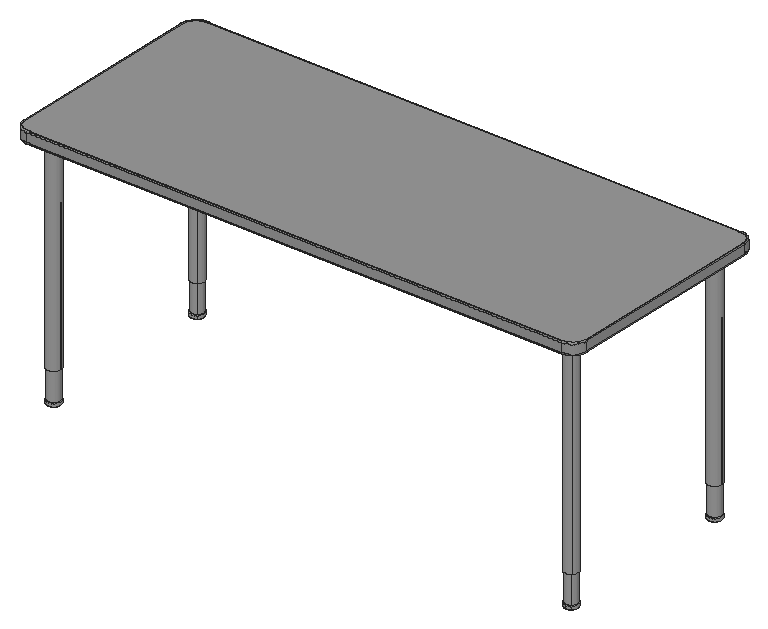
Revit family "Hierarchy Activity 60x24", category Generic Models, Revit 2018
Family settings
  Can host rebar = No
  Round Connector Dimension = Use Diameter
  Part Type = Normal
  Work Plane-Based = No
  Always vertical = Yes
  Cut with Voids When Loaded = No
  Shared = No
  Room Calculation Point = No
Parameters
  Table Height = 2' - 1 1/2"
  Surface = Hierarchy Activity 6024 Surface
  Leg Finish = Shapes Leg Platinum
  Edgeband = Hierarchy Activity 6024 Edgeband
  Caster/Glider = Shapes Leg - Glider : Shapes Leg - Glider
Reference planes (in)
  plane 1 "Center (Front/Back)": y = 0
  plane 2: z = 0
  plane 3 "Center (Left/Right)": x = 0
  plane 4: z = 25.5
Dimensions and locks (in)
  "Table Height": plane 4 to level
  aligned and locked: plane 2 to level
  aligned and locked: nested 1 to plane 4
Nested families (in)
  nested 1: "Activity 60x24 Tabletop" at (0, 0, 1.575), type "Activity 60x24 Tabletop"
  nested 2: "Shapes Leg - Glider" at (27.59074, 9.56213, 0) x (0.7071, 0.7071, 0) z (0, 0, 1), Leg Height <- "Table Height", Shapes Leg Finish <- "Leg Finish", type <- "Caster/Glider", type "Shapes Leg - Glider"
    with Shapes Leg Finish Shapes Leg Platinum, Leg Height 2' - 1 1/2"
  nested 3: "Shapes Leg - Glider" at (-27.59074, 9.56213, 0) x (-0.7071, 0.7071, 0) z (0, 0, 1), Leg Height <- "Table Height", Shapes Leg Finish <- "Leg Finish", type "Shapes Leg - Glider"
    with Shapes Leg Finish Shapes Leg Platinum, Leg Height 2' - 1 1/2"
  nested 4: "Shapes Leg - Glider" at (27.59074, -9.56213, 0) x (0.7071, -0.7071, 0) z (0, 0, 1), Leg Height <- "Table Height", Shapes Leg Finish <- "Leg Finish", type <- "Caster/Glider", type "Shapes Leg - Glider"
    with Shapes Leg Finish Shapes Leg Platinum, Leg Height 2' - 1 1/2"
  nested 5: "Shapes Leg - Glider" at (-27.59074, -9.56213, 0) x (-0.7071, -0.7071, 0) z (0, 0, 1), Leg Height <- "Table Height", Shapes Leg Finish <- "Leg Finish", type "Shapes Leg - Glider"
    with Shapes Leg Finish Shapes Leg Platinum, Leg Height 2' - 1 1/2"
Definition of nested family "Activity 60x24 Tabletop"
  Parameters (values of type "Activity 60x24 Tabletop")
    Surface = none
    Edgeband = none
  Reference planes (in)
    plane 1 "Center (Front/Back)": y = 0
    plane 2: z = 0
    plane 3 "Center (Left/Right)": x = 0
  Forms (in)
    Extrusion 1, solid, material <- "Surface"
      sketch origin (0, 0, 0) x (1, 0, 0) y (0, 1, 0)
        loop
          line (28.5, 11.88189) -> (-28.5, 11.88189)
          arc (-28.5, 11.88189) -> (-29.47714, 11.47714) -> (-29.88189, 10.5) r 1.38189
          line (-29.88189, 10.5) -> (-29.88189, -10.5)
          arc (-29.88189, -10.5) -> (-29.47714, -11.47714) -> (-28.5, -11.88189) r 1.38189
          line (-28.5, -11.88189) -> (28.5, -11.88189)
          arc (28.5, -11.88189) -> (29.47714, -11.47714) -> (29.88189, -10.5) r 1.38189
          line (29.88189, -10.5) -> (29.88189, 10.5)
          arc (29.88189, 10.5) -> (29.47714, 11.47714) -> (28.5, 11.88189) r 1.38189
      from 23.925 to 25.125
    Sweep 2, solid, material <- "Edgeband"
      path origin (0, 0, 0) x (1, 0, 0) y (0, 1, 0)
        loop
          line (28.5, 11.88189) -> (-28.5, 11.88189)
          arc (-28.5, 11.88189) -> (-29.47714, 11.47714) -> (-29.88189, 10.5) r 1.38189
          line (-29.88189, 10.5) -> (-29.88189, -10.5)
          arc (-29.88189, -10.5) -> (-29.47714, -11.47714) -> (-28.5, -11.88189) r 1.38189
          line (-28.5, -11.88189) -> (28.5, -11.88189)
          arc (28.5, -11.88189) -> (29.47714, -11.47714) -> (29.88189, -10.5) r 1.38189
          line (29.88189, -10.5) -> (29.88189, 10.5)
          arc (29.88189, 10.5) -> (29.47714, 11.47714) -> (28.5, 11.88189) r 1.38189
      profile origin (0, 11.88189, 0) x (0, -1, 0) y (0, 0, 1)
        loop
          arc (-0.11811, 24.04311) -> (-0.08352, 23.95959) -> (0, 23.925) r 0.11811
          line (0, 23.925) -> (0, 25.125)
          arc (0, 25.125) -> (-0.08352, 25.09041) -> (-0.11811, 25.00689) r 0.11811
          line (-0.11811, 25.00689) -> (-0.11811, 24.04311)
  Dimensions and locks (in)
    aligned and locked: plane 2 to level
Definition of nested family "Shapes Leg - Glider"
  Parameters (values of type "Shapes Leg - Glider")
    Shapes Leg Finish [instance] = none
    Leg Height [instance] = 2' - 4 1/2"
  Reference planes (in)
    plane 1 "Center (Front/Back)": y = 0
    plane 2: z = 0
    plane 3 "Center (Left/Right)": x = 0
  Forms (in)
    Extrusion 1, solid
      sketch origin (-0.01562, 0, 0) x (1, 0, 0) y (0, 1, 0)
        loop
          circle (0.01563, 0) r 0.64906
      from 0.50586 to 20.17439
  Dimensions and locks (in)
    "Leg Height": nested 2 to level
    aligned and locked: plane 2 to level
  Automatic sketch dimensions
    plane 1 "Center (Front/Back)" to Extrusion 1 sketch curve = 0' - 0"
    Extrusion 1 sketch curve to plane 3 "Center (Left/Right)" = 0' - 0"
    radius of Extrusion 1 sketch curve = 0' - 0.64906"
  Nested families (in)
    nested 1: "Glider" at (0, 0, 0), type "Glider"
    nested 2: "Shapes Upper Leg" at (0, 0, 0), Shapes Leg Finish <- "Shapes Leg Finish", type "Shapes Upper Leg"
      with Shapes Leg Finish none
  Definition of nested family "Glider"
    Reference planes (in)
      plane 1 "Center (Front/Back)": y = 0
      plane 2: z = 0
      plane 3 "Center (Left/Right)": x = 0
    Forms (in)
      Revolve 1, solid
        sketch origin (0, 0, 0) x (1, 0, 0) y (0, 0, 1)
          loop
            line (0.26614, 0.50586) -> (0, 0.50586) -> (0, 0.09994) -> (0.71656, 0.09994) -> (0.71656, 0.37634)
            arc (0.71656, 0.37634) -> (0.70181, 0.41548) -> (0.66511, 0.43552) r 0.06011
            arc (0.66511, 0.43552) -> (0.46609, 0.45951) -> (0.26614, 0.47365) r 4.06535
            line (0.26614, 0.47365) -> (0.26614, 0.50586)
          axis (0, 0.50586) -> (0, 0.09994)
        angle from 0 to 360
      Revolve 2, solid
        sketch origin (0, 0, 0) x (1, 0, 0) y (0, 0, 1)
          loop
            line (0.65534, 0.1212) -> (0, 0.1212) -> (0, 0) -> (0.57593, 0)
            arc (0.57593, 0) -> (0.63208, 0.02326) -> (0.65534, 0.07941) r 0.07941
            line (0.65534, 0.07941) -> (0.65534, 0.1212)
          axis (0, 0.1212) -> (0, 0)
        angle from 0 to 360
    Dimensions and locks (in)
      aligned and locked: plane 2 to level
  Definition of nested family "Shapes Upper Leg"
    Parameters (values of type "Shapes Upper Leg")
      Shapes Leg Finish [instance] = none
    Reference planes (in)
      plane 1 "Center (Front/Back)": y = 0
      plane 2: z = 0
      plane 3 "Center (Left/Right)": x = 0
    Forms (in)
      Extrusion 1, solid, material <- "Shapes Leg Finish"
        sketch origin (0, 0, 0) x (1, 0, 0) y (0, 1, 0)
          loop
            circle (0, 0) r 0.75
        from 6.5 to 28.5
    Dimensions and locks (in)
      aligned and locked: plane 2 to level
